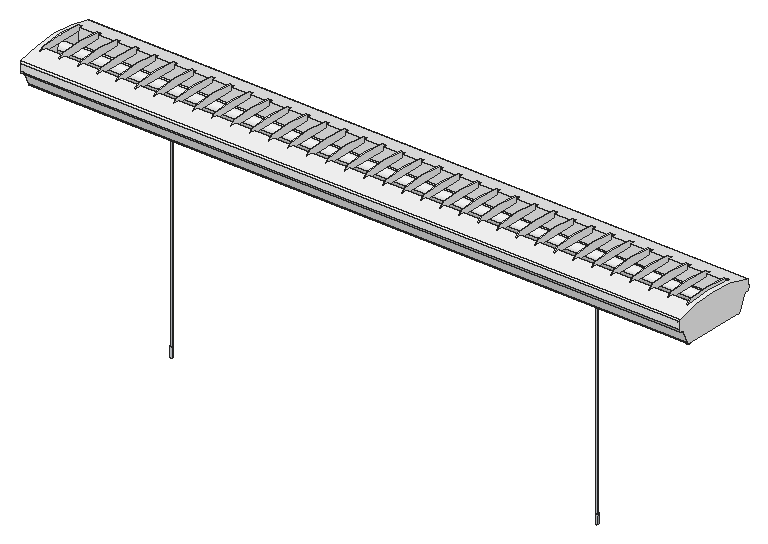
Revit family "0051682 Feilo Sylvania Lighting Fixture SYLMASTER T8 LED 1500 SO 4K Pendant ", category Lighting Fixtures, host Face, Revit 2017
Family settings
  Host = Face
  Round Connector Dimension = Use Diameter
  Part Type = Normal
  OmniClass Number = 23.80.70.00
  OmniClass Title = Lighting
  Cut with Voids When Loaded = No
  Light Source = Yes
  Shared = No
  Room Calculation Point = No
Parameters (values of type "0051682 SYLMASTER T8 LED 1500 SO 4K")
  WidthVoid_FEILO = 100 mm
  Weight = "5.364 kg"
  Wattage Comments = ""
  Wattage = 27 W
  WarrantyStartDate [instance] = "n/a"
  WarrantyGuarantorParts = "n/a"
  WarrantyDurationUnit = "n/a"
  WarrantyDurationParts = "n/a"
  WarrantyDescription = "n/a"
  built-in parameter 1150110 = 1 (stored number, unit not read)
  Voltage = 230 V
  URL = "http://www.sylvania-lighting.com"
  TypeName = "SYLMASTER T8 LED 1500 SO 4K"
  Type Image = <None>
  Type Comments = "n/a"
  Twin_FEILO = not(Single_FEILO)  # no
  built-in parameter 1114217 = 1 (stored number, unit not read)
  Tilt Angle = -90.00°
  built-in parameter 1150109 = 1 (stored number, unit not read)
  built-in parameter 1150134 = 12
  SuspensionHeight_FEILO [instance] = 500 mm
  built-in parameter 1150113 = 1 (stored number, unit not read)
  Single_FEILO = yes
  SerialNumber [instance] = "n/a"
  ReflectorSpacing_FEILO = (Length_FEILO - 30 mm) / (Array_FEILO - 1)  # 44.706 mm
  RadiusTube_FEILO = 12.7 mm
  RadiusSuspensionWire_FEILO = 2 mm
  Photometric Web File = "0051682.ies"
  Material_3_FEILO = none
  PowerFactor = 0.9
  PowerConsumption = "27 W"
  NominalLength = 1550 mm
  NominalHeight = 85 mm
  NominalDepth = 202 mm
  Name = "SYLMASTER T8 LED 1500 SO 4K"
  ModelReference = Name  # "SYLMASTER T8 LED 1500 SO 4K"
  ModelNumber = "0051682"
  Model = Name  # "SYLMASTER T8 LED 1500 SO 4K"
  Material = "steel housing"
  ManufacturerName = "Feilo Sylvania"
  Manufacturer = "Feilo Sylvania"
  LuminousEfficacy = "76 lm/W"
  built-in parameter 1150105 = 859.66 (stored number, unit not read)
  Lumens = 2052 lm
  LuminaireType = ""
  built-in parameter 1150115 = 1 (stored number, unit not read)
  LightOutputRatio = "71"
  built-in parameter 1150137 = (empty or 0)
  built-in parameter 1150139 = (empty or 0)
  Length_FEILO = 1550 mm
  LampsType = Lamp  # "LED"
  LampNominalLuminous = "2052 lm"
  LampMacAdamStep = "n/a"
  LampColourTemperature = "4000 K"
  LampColourRenderingIndex = "80"
  built-in parameter 1150112 = 1 (stored number, unit not read)
  built-in parameter 1150114 = 1 (stored number, unit not read)
  Lamp = "LED"
  Keynote = "16500"
  InstallationDate [instance] = "n/a"
  InputVoltage = "220-240V~"
  InputNominalFrequency = "50/60 Hz"
  built-in parameter 1150132 = (empty or 0)
  built-in parameter 1150102 = (empty or 0)
  built-in parameter 1150107 = 4000 (stored number, unit not read)
  built-in parameter 1150138 = (empty or 0)
  IngressProtection = "IP20"
  ImpactProtectionIndex = "IK02"
  built-in parameter 1150106 = 8.5966 (stored number, unit not read)
  IfcExportType = "IfcLightFixtureType"
  IfcExportAs = "IfcLightFixtureType"
  ExpectedLife = 50000
  Emit from Rectangle Width = WidthVoid_FEILO  # 100 mm
  Emit from Rectangle Length = Length_FEILO - 30 mm  # 1520 mm
  Emit Shape Visible in Rendering = no
  ElectricShockClassification = "Class I"
  built-in parameter 1150104 = 7.0606 (stored number, unit not read)
  DurationUnit = "hours"
  DocumentationLiterature = "http://www.sylvania-lighting.com/product/en-int/products/0051682"
  DimmingControlOptions = "Non dimmable"
  Material_2_FEILO = LEDTube-Sylvania-Sylmaster
  Dimming Lamp Color Temperature Shift = <None>
  RadiusSuspensionSleeve_FEILO = 3 mm
  Description = "SYLMASTER T8 LED 1500 SO 4K is a surface mount / pendant luminaire supplied with ToLEDo T8 27W 840 LED Tube."
  Default Elevation = 1219.2 mm
  CreatedOn = "2/19/2018"
  CreatedBy = ""
  Cost = 0
  Color Filter = 16777215
  built-in parameter 1114216 [instance] = (empty or 0)
  ClassificationValue = "EF_70_80"
  ClassificationName = "Uniclass2015"
  Material_1_FEILO = Body-Sylvania-Sylmaster-White
  BarCode [instance] = "n/a"
  built-in parameter 1114218 = 1 (stored number, unit not read)
  built-in parameter 1150133 = 10 (stored number, unit not read)
  AssetType = "Fixed"
  AssetIdentifier [instance] = "n/a"
  Assembly Code = "D5020200"
  Array_FEILO = if(Length_FEILO = 1250 mm, 25, 35)  # 35
  Apparent Load = 27 VA
  Material_4_FEILO = none
Reference planes
  plane 1 "Center (Front/Back)": y = 0
  plane 2: z = 0
  plane 3 "Center (Left/Right)": x = 0
  plane 4: y = 101
  plane 5: y = -101
  plane 6: z = 500
  plane 7: z = 585
  plane 8: z = 561
  plane 9: z = 545
  plane 10: z = 507
  plane 11: z = 568
  plane 12: y = -89
  plane 13: y = -75
  plane 14: y = -30
  plane 15: y = 30
  plane 16: y = 89
  plane 17: y = 75
  plane 18: z = 542
  plane 19: x = -775
  plane 20: x = 775
  plane 21: x = -500
  plane 22: x = 500
  plane 23: y = -23
  plane 24: y = 23
  plane 25: x = -480
  plane 26: x = -520
  plane 27: x = 480
  plane 28: x = 520
  plane 29: x = -513
  plane 30: x = -487
  plane 31: x = 487
  plane 32: x = 513
  plane 33: y = 50
  plane 34: y = -50
  plane 35: x = 760
  plane 36: x = -760
  plane 37: y = 33
  plane 38: z = 544.6
  plane 39: x = -715.294
  plane 40: z = 22
  plane 41: z = 478
  plane 42: x = -503
  plane 43: x = -502
  plane 44: x = 498
  plane 45: x = 497
Forms (mm)
  Extrusion 1, solid, material "Body-Sylvania-Sylmaster-White" <- "Material_1_FEILO", detail levels medium+fine
    sketch origin (0, 0, 0) x (0, 1, 0) y (0, 0, 1)
      loop
        arc (-98.274, 568.93) -> (-100.248, 567.473) -> (-101, 565.138) r 4
        line (-101, 565.138) -> (-101, 548.904)
        arc (-101, 548.904) -> (-99.941, 545.827) -> (-97.213, 544.053) r 5
        line (-97.213, 544.053) -> (-93.96, 543.24)
        arc (-93.96, 543.24) -> (-89.81, 541.072) -> (-87.101, 537.253) r 10
        line (-87.101, 537.253) -> (-76.76, 511.4)
        arc (-76.76, 511.4) -> (-74.185, 508.204) -> (-70.261, 507) r 7
        line (-70.261, 507) -> (70.261, 507)
        arc (70.261, 507) -> (74.185, 508.204) -> (76.76, 511.4) r 7
        line (76.76, 511.4) -> (87.101, 537.253)
        arc (87.101, 537.253) -> (89.81, 541.072) -> (93.96, 543.24) r 10
        line (93.96, 543.24) -> (97.213, 544.053)
        arc (97.213, 544.053) -> (99.941, 545.827) -> (101, 548.904) r 5
        line (101, 548.904) -> (101, 565.138)
        arc (101, 565.138) -> (100.248, 567.473) -> (98.274, 568.93) r 4
        arc (98.274, 568.93) -> (0, 585) -> (-98.274, 568.93) r 308.529
    from -775 to 775
  Blend 2, solid, material "Body-Sylvania-Sylmaster-White" <- "Material_1_FEILO"
    base sketch origin (0, 1219.2, 507) x (1, 0, 0) y (0, 1, 0)
      loop
        line (-520, -1189.2) -> (-520, -1249.2) -> (-480, -1249.2) -> (-480, -1189.2) -> (-520, -1189.2)
    top sketch origin (0, 1219.2, 507) x (1, 0, 0) y (0, 1, 0)
      loop
        line (-513, -1196.2) -> (-513, -1242.2) -> (-487, -1242.2) -> (-487, -1196.2) -> (-513, -1196.2)
    from 0 to -7
  Blend 3, solid, material "Body-Sylvania-Sylmaster-White" <- "Material_1_FEILO"
    base sketch origin (0, 1219.2, 507) x (1, 0, 0) y (0, 1, 0)
      loop
        line (480, -1189.2) -> (480, -1249.2) -> (520, -1249.2) -> (520, -1189.2) -> (480, -1189.2)
    top sketch origin (0, 1219.2, 507) x (1, 0, 0) y (0, 1, 0)
      loop
        line (487, -1196.2) -> (487, -1242.2) -> (513, -1242.2) -> (513, -1196.2) -> (487, -1196.2)
    from 0 to -7
  Extrusion 4, void
    sketch origin (0, 0, 0) x (0, 1, 0) y (0, 0, 1)
      loop
        line (-50, 585) -> (-50, 545) -> (50, 545) -> (50, 585) -> (-50, 585)
    from -760 to 760
  Extrusion 5, solid, material "LEDTube-Sylvania-Sylmaster" <- "Material_2_FEILO", visible <- "Single_FEILO", detail levels medium+fine
    sketch origin (0, 0, 0) x (0, 1, 0) y (0, 0, 1)
      loop
        circle (0, 561) r 12.7
    from -760 to 760
  Extrusion 6, solid, material "LEDTube-Sylvania-Sylmaster" <- "Material_2_FEILO", visible <- "Twin_FEILO", detail levels medium+fine
    sketch origin (0, 0, 0) x (0, 1, 0) y (0, 0, 1)
      loop
        circle (-23, 561) r 12.7
      loop
        circle (23, 561) r 12.7
    from -760 to 760
  Revolve 7, solid
    sketch origin (0, 0, 0) x (1, 0, 0) y (0, 0, 1)
      loop
        line (-500, 500) -> (-503, 500) -> (-503, 478) -> (-502, 478) -> (-502, 22) -> (-503, 22) -> (-503, 0) -> (-500, 0) -> (-500, 500)
      axis (-500, 500) -> (-500, 0)
    angle from 360 to 0
  Revolve 8, solid
    sketch origin (0, 0, 0) x (1, 0, 0) y (0, 0, 1)
      loop
        line (500, 500) -> (497, 500) -> (497, 478) -> (498, 478) -> (498, 22) -> (497, 22) -> (497, 0) -> (500, 0) -> (500, 500)
      axis (500, 500) -> (500, 0)
    angle from 360 to 0
  Extrusion 9, solid, material "Body-Sylvania-Sylmaster-White" <- "Material_1_FEILO", detail levels coarse
    sketch origin (0, 0, 0) x (0, 1, 0) y (0, 0, 1)
      loop
        arc (-98.274, 568.93) -> (-100.248, 567.473) -> (-101, 565.138) r 4
        line (-101, 565.138) -> (-101, 548.904)
        arc (-101, 548.904) -> (-99.941, 545.827) -> (-97.213, 544.053) r 5
        line (-97.213, 544.053) -> (-93.96, 543.24)
        arc (-93.96, 543.24) -> (-89.81, 541.072) -> (-87.101, 537.253) r 10
        line (-87.101, 537.253) -> (-76.76, 511.4)
        arc (-76.76, 511.4) -> (-74.185, 508.204) -> (-70.261, 507) r 7
        line (-70.261, 507) -> (70.261, 507)
        arc (70.261, 507) -> (74.185, 508.204) -> (76.76, 511.4) r 7
        line (76.76, 511.4) -> (87.101, 537.253)
        arc (87.101, 537.253) -> (89.81, 541.072) -> (93.96, 543.24) r 10
        line (93.96, 543.24) -> (97.213, 544.053)
        arc (97.213, 544.053) -> (99.941, 545.827) -> (101, 548.904) r 5
        line (101, 548.904) -> (101, 565.138)
        arc (101, 565.138) -> (100.248, 567.473) -> (98.274, 568.93) r 4
        arc (98.274, 568.93) -> (0, 585) -> (-98.274, 568.93) r 308.529
    from -775 to 775
Cuts and joins
  Extrusion 4 cuts Extrusion 1
Lines and regions (mm)
  reference lines
    curve 1: line (0, -101, 545) -> (0, -89, 542)
    curve 2: line (0, -89, 542) -> (0, -75, 507)
    curve 3: line (0, 101, 545) -> (0, 89, 542)
    curve 4: line (0, 89, 542) -> (0, 75, 507)
Dimensions and locks
  equal spacing: plane 5, plane 1 "Center (Front/Back)", plane 4
  locked: plane 5 to plane 4 at 202
  "SuspensionHeight_FEILO": plane 6 to plane 2
  locked: plane 6 to plane 7 at 85
  plane 8 to plane 7 = 24 mm
  locked: plane 9 to plane 7 at 40
  locked: plane 6 to plane 10 at 7
  locked: plane 8 to plane 11 at 7
  equal spacing: plane 13, plane 1 "Center (Front/Back)", plane 17
  equal spacing: plane 14, plane 1 "Center (Front/Back)", plane 15
  equal spacing: plane 12, plane 1 "Center (Front/Back)", plane 16
  locked: plane 13 to plane 17 at 150
  locked: plane 12 to plane 16 at 178
  locked: plane 18 to plane 9 at 3
  locked: Extrusion 1 sketch curve to plane 7 at 308.529
  Extrusion 1 sketch curve to plane 1 "Center (Front/Back)" to Extrusion 1 sketch curve = 97 mm locked, 97 mm locked
  Extrusion 1 sketch curve to plane 1 "Center (Front/Back)" to Extrusion 1 sketch curve = 96 mm locked, 96 mm locked
  equal spacing: plane 19, plane 3 "Center (Left/Right)", plane 20
  "Length_FEILO": plane 19 to plane 20
  Extrusion 1 sketch curve to plane 1 "Center (Front/Back)" to Extrusion 1 sketch curve = 70.261 mm locked, 70.261 mm locked
  Extrusion 1 sketch curve to plane 1 "Center (Front/Back)" to Extrusion 1 sketch curve = 96.386 mm locked, 96.386 mm locked
  Extrusion 1 sketch curve to Extrusion 1 sketch curve to Extrusion 1 sketch curve to Extrusion 1 sketch curve to plane 7 = 19.539 mm locked, 15.365 mm locked, 16.235 mm locked, 19.862 mm locked  (x2)
  equal spacing: plane 21, plane 3 "Center (Left/Right)", plane 22
  locked: plane 21 to plane 22 at 1000
  equal spacing: plane 23, plane 1 "Center (Front/Back)", plane 24
  locked: plane 14 to plane 23 at 7
  locked: plane 14 to plane 1 "Center (Front/Back)" at 30
  equal spacing: plane 26, plane 21, plane 25, locked at 20 each
  equal spacing: plane 27, plane 22, plane 28, locked at 20 each
  locked: plane 26 to plane 21 at 20
  locked: plane 27 to plane 22 at 20
  equal spacing: plane 29, plane 21, plane 30
  locked: plane 26 to plane 29 at 7
  equal spacing: plane 31, plane 22, plane 32
  locked: plane 27 to plane 31 at 7
  equal spacing: plane 36, plane 3 "Center (Left/Right)", plane 35
  locked: plane 19 to plane 36 at 15
  plane 1 "Center (Front/Back)" to plane 37 = 33 mm
  equal spacing: plane 34, plane 1 "Center (Front/Back)", plane 33
  "WidthVoid_FEILO": plane 34 to plane 33
  locked: plane 38 to plane 7 at 40.4
  "ReflectorSpacing_FEILO": plane 36 to plane 39
  equal spacing: group 1, group 2, group 3, group 4, group 5, group 6, group 7, group 8, group 9, group 10, group 11, group 12, group 13, group 14, group 15, group 16, group 17, group 18, group 19, group 20, group 21, group 22, group 23, group 24, group 25, group 26, group 27, group 28, group 29, group 30, group 31, group 32, group 33, group 34, group 35  (x3)
  locked: plane 6 to plane 41 at 22
  locked: plane 40 to host face at 22
  "RadiusSuspensionWire_FEILO": plane 22 to plane 44
  "RadiusSuspensionSleeve_FEILO": plane 22 to plane 45
  "RadiusSuspensionWire_FEILO": plane 21 to plane 43
  "RadiusSuspensionSleeve_FEILO": plane 21 to plane 42
  "RadiusTube_FEILO": radius of Extrusion 5 sketch curve
  aligned and locked: plane 2 to host face
  aligned and locked: level to host face
  aligned and locked: plane 5 to curve 1
  aligned and locked: plane 12 to curve 1
  aligned and locked: plane 13 to curve 2
  aligned and locked: plane 4 to curve 3
  aligned and locked: plane 16 to curve 3
  aligned and locked: plane 17 to curve 4
  aligned and locked: plane 5 to Extrusion 1 sketch curve
  aligned and locked: curve 2 to Extrusion 1 sketch curve
  aligned and locked: plane 1 "Center (Front/Back)" to Extrusion 1 sketch curve
  aligned and locked: plane 20 to Extrusion 1
  aligned and locked: Extrusion 1 to plane 19
  aligned and locked: Extrusion 1 sketch curve to curve 3
  aligned and locked: curve 1 to Extrusion 1 sketch curve
  aligned and locked: Extrusion 1 sketch curve to curve 4
  aligned and locked: plane 15 to Blend 2 sketch curve
  aligned and locked: plane 26 to Blend 2 sketch curve
  aligned and locked: Blend 2 sketch curve to plane 14
  aligned and locked: Blend 2 sketch curve to plane 25
  aligned and locked: plane 24 to Blend 2 sketch curve
  aligned and locked: plane 29 to Blend 2 sketch curve
  aligned and locked: Blend 2 sketch curve to plane 23
  aligned and locked: Blend 2 sketch curve to plane 30
  aligned and locked: plane 6 to Blend 2
  aligned and locked: Blend 2 to plane 10
  aligned and locked: plane 15 to Blend 3 sketch curve
  aligned and locked: plane 27 to Blend 3 sketch curve
  aligned and locked: Blend 3 sketch curve to plane 14
  aligned and locked: Blend 3 sketch curve to plane 28
  aligned and locked: plane 24 to Blend 3 sketch curve
  aligned and locked: plane 31 to Blend 3 sketch curve
  aligned and locked: Blend 3 sketch curve to plane 23
  aligned and locked: Blend 3 sketch curve to plane 32
  aligned and locked: Blend 3 to plane 10
  aligned and locked: plane 6 to Blend 3
  aligned and locked: plane 7 to Extrusion 4 sketch curve
  aligned and locked: Extrusion 4 sketch curve to plane 34
  aligned and locked: Extrusion 4 sketch curve to plane 9
  aligned and locked: plane 33 to Extrusion 4 sketch curve
  aligned and locked: plane 35 to Extrusion 4
  aligned and locked: Extrusion 4 to plane 36
  aligned and locked: plane 1 "Center (Front/Back)" to nested 1
  aligned and locked: plane 36 to nested 1
  aligned and locked: plane 39 to nested 2
  aligned and locked: plane 1 "Center (Front/Back)" to Extrusion 5 sketch curve
  aligned and locked: plane 8 to Extrusion 5 sketch curve
  aligned and locked: plane 35 to Extrusion 5
  aligned and locked: Extrusion 5 to plane 36
  aligned and locked: plane 23 to Extrusion 6 sketch curve
  aligned and locked: plane 8 to Extrusion 6 sketch curve  (x2)
  aligned and locked: plane 24 to Extrusion 6 sketch curve
  aligned and locked: plane 35 to Extrusion 6
  aligned and locked: Extrusion 6 to plane 36
  aligned and locked: plane 3 "Center (Left/Right)" to imposter light
  aligned and locked: imposter light to plane 1 "Center (Front/Back)"
  aligned and locked: imposter light to plane 7
  aligned and locked: Revolve 7 sketch curve to plane 21
  aligned and locked: plane 21 to Revolve 7 sketch curve  (x2)
  aligned and locked: Revolve 7 sketch curve to Blend 2
  aligned and locked: Revolve 7 sketch curve to plane 42  (x2)
  aligned and locked: plane 41 to Revolve 7 sketch curve
  aligned and locked: Revolve 7 sketch curve to plane 43
  aligned and locked: Revolve 7 sketch curve to plane 40
  aligned and locked: Revolve 7 sketch curve to level
  aligned and locked: Revolve 8 sketch curve to plane 22
  aligned and locked: plane 22 to Revolve 8 sketch curve  (x2)
  aligned and locked: Revolve 8 sketch curve to Blend 3
  aligned and locked: Revolve 8 sketch curve to plane 45
  aligned and locked: plane 41 to Revolve 8 sketch curve
  aligned and locked: Revolve 8 sketch curve to plane 44
  aligned and locked: Revolve 8 sketch curve to plane 40
  aligned and locked: level to Revolve 8 sketch curve
  aligned and locked: Extrusion 9 sketch curve to cut or joined group of Extrusion 1, Extrusion 4  (x9)
  aligned and locked: plane 20 to Extrusion 9
  aligned and locked: Extrusion 9 to plane 19
Automatic sketch dimensions
  host sketch curve to host sketch curve = 2438.4 mm  (x2)
  plane 9 to Extrusion 1 sketch curve = 0.947 mm  (x2)
  Extrusion 1 sketch curve to plane 18 = 1.24 mm  (x2)
  Extrusion 1 sketch curve to plane 12 = 1.899 mm
  plane 13 to Extrusion 1 sketch curve = 1.76 mm
  Extrusion 1 sketch curve to plane 17 = 1.76 mm
  plane 16 to Extrusion 1 sketch curve = 1.899 mm
  Extrusion 1 sketch curve to Extrusion 1 sketch curve = 0 mm
  plane 10 to curve 2 = 0 mm
  plane 10 to curve 4 = 0 mm
  plane 18 to curve 2 = 0 mm
  plane 18 to curve 3 = 0 mm
  plane 9 to curve 1 = 0 mm
  plane 9 to curve 3 = 0 mm
  Revolve 7 sketch curve to level = 304.8 mm
  Revolve 7 sketch curve to plane 7 = 2153.4 mm
  Revolve 8 sketch curve to plane 45 = 0 mm
  Revolve 8 sketch curve to level = 304.8 mm
  Revolve 8 sketch curve to plane 7 = 2153.4 mm
  plane 38 to Extrusion 9 sketch curve = 0.547 mm  (x2)
  Extrusion 9 sketch curve to plane 18 = 1.24 mm  (x2)
  Extrusion 9 sketch curve to plane 12 = 1.899 mm
  plane 13 to Extrusion 9 sketch curve = 1.76 mm
  Extrusion 9 sketch curve to plane 17 = 1.76 mm
  plane 16 to Extrusion 9 sketch curve = 1.899 mm
  radius of Extrusion 6 sketch curve = 12.7 mm  (x2)
Nested families
  nested 1: "Sylmaster reflector" at (-760, 0, 544.6), type "Type Name", detail levels medium+fine
    with WidthVoid_FEILO 100 mm
  nested 2: "Sylmaster reflector" at (-715.294, 0, 544.6), type "Type Name", detail levels medium+fine
    with WidthVoid_FEILO 100 mm
  nested 3: "Sylmaster reflector" at (-670.588, 0, 544.6), type "Type Name", detail levels medium+fine
    with WidthVoid_FEILO 100 mm
  nested 4: "Sylmaster reflector" at (-625.882, 0, 544.6), type "Type Name", detail levels medium+fine
    with WidthVoid_FEILO 100 mm
  nested 5: "Sylmaster reflector" at (-581.176, 0, 544.6), type "Type Name", detail levels medium+fine
    with WidthVoid_FEILO 100 mm
  nested 6: "Sylmaster reflector" at (-536.471, 0, 544.6), type "Type Name", detail levels medium+fine
    with WidthVoid_FEILO 100 mm
  nested 7: "Sylmaster reflector" at (-491.765, 0, 544.6), type "Type Name", detail levels medium+fine
    with WidthVoid_FEILO 100 mm
  nested 8: "Sylmaster reflector" at (-447.059, 0, 544.6), type "Type Name", detail levels medium+fine
    with WidthVoid_FEILO 100 mm
  nested 9: "Sylmaster reflector" at (-402.353, 0, 544.6), type "Type Name", detail levels medium+fine
    with WidthVoid_FEILO 100 mm
  nested 10: "Sylmaster reflector" at (-357.647, 0, 544.6), type "Type Name", detail levels medium+fine
    with WidthVoid_FEILO 100 mm
  nested 11: "Sylmaster reflector" at (-312.941, 0, 544.6), type "Type Name", detail levels medium+fine
    with WidthVoid_FEILO 100 mm
  nested 12: "Sylmaster reflector" at (-268.235, 0, 544.6), type "Type Name", detail levels medium+fine
    with WidthVoid_FEILO 100 mm
  nested 13: "Sylmaster reflector" at (-223.529, 0, 544.6), type "Type Name", detail levels medium+fine
    with WidthVoid_FEILO 100 mm
  nested 14: "Sylmaster reflector" at (-178.824, 0, 544.6), type "Type Name", detail levels medium+fine
    with WidthVoid_FEILO 100 mm
  nested 15: "Sylmaster reflector" at (-134.118, 0, 544.6), type "Type Name", detail levels medium+fine
    with WidthVoid_FEILO 100 mm
  nested 16: "Sylmaster reflector" at (-89.412, 0, 544.6), type "Type Name", detail levels medium+fine
    with WidthVoid_FEILO 100 mm
  nested 17: "Sylmaster reflector" at (-44.706, 0, 544.6), type "Type Name", detail levels medium+fine
    with WidthVoid_FEILO 100 mm
  nested 18: "Sylmaster reflector" at (0, 0, 544.6), type "Type Name", detail levels medium+fine
    with WidthVoid_FEILO 100 mm
  nested 19: "Sylmaster reflector" at (44.706, 0, 544.6), type "Type Name", detail levels medium+fine
    with WidthVoid_FEILO 100 mm
  nested 20: "Sylmaster reflector" at (89.412, 0, 544.6), type "Type Name", detail levels medium+fine
    with WidthVoid_FEILO 100 mm
  nested 21: "Sylmaster reflector" at (134.118, 0, 544.6), type "Type Name", detail levels medium+fine
    with WidthVoid_FEILO 100 mm
  nested 22: "Sylmaster reflector" at (178.824, 0, 544.6), type "Type Name", detail levels medium+fine
    with WidthVoid_FEILO 100 mm
  nested 23: "Sylmaster reflector" at (223.529, 0, 544.6), type "Type Name", detail levels medium+fine
    with WidthVoid_FEILO 100 mm
  nested 24: "Sylmaster reflector" at (268.235, 0, 544.6), type "Type Name", detail levels medium+fine
    with WidthVoid_FEILO 100 mm
  nested 25: "Sylmaster reflector" at (312.941, 0, 544.6), type "Type Name", detail levels medium+fine
    with WidthVoid_FEILO 100 mm
  nested 26: "Sylmaster reflector" at (357.647, 0, 544.6), type "Type Name", detail levels medium+fine
    with WidthVoid_FEILO 100 mm
  nested 27: "Sylmaster reflector" at (402.353, 0, 544.6), type "Type Name", detail levels medium+fine
    with WidthVoid_FEILO 100 mm
  nested 28: "Sylmaster reflector" at (447.059, 0, 544.6), type "Type Name", detail levels medium+fine
    with WidthVoid_FEILO 100 mm
  nested 29: "Sylmaster reflector" at (491.765, 0, 544.6), type "Type Name", detail levels medium+fine
    with WidthVoid_FEILO 100 mm
  nested 30: "Sylmaster reflector" at (536.471, 0, 544.6), type "Type Name", detail levels medium+fine
    with WidthVoid_FEILO 100 mm
  nested 31: "Sylmaster reflector" at (581.176, 0, 544.6), type "Type Name", detail levels medium+fine
    with WidthVoid_FEILO 100 mm
  nested 32: "Sylmaster reflector" at (625.882, 0, 544.6), type "Type Name", detail levels medium+fine
    with WidthVoid_FEILO 100 mm
  nested 33: "Sylmaster reflector" at (670.588, 0, 544.6), type "Type Name", detail levels medium+fine
    with WidthVoid_FEILO 100 mm
  nested 34: "Sylmaster reflector" at (715.294, 0, 544.6), type "Type Name", detail levels medium+fine
    with WidthVoid_FEILO 100 mm
  nested 35: "Sylmaster reflector" at (760, 0, 544.6), type "Type Name", detail levels medium+fine
    with WidthVoid_FEILO 100 mm
Connectors
  electrical at (0, 0, 0), driven by "Apparent Load", driven by "PowerFactor", driven by "Voltage"
    settings: index 1, voltage 230 V, apparent load 27 VA, apparent load phase1 0 VA, apparent load phase2 0 VA, apparent load phase3 0 VA, power factor 0.9, load classification "Lighting", number of poles 1, system type 30, power factor state 1, is connector primary yes, connector utility no, sub classification motor no, connector description ""
Definition of nested family "Sylmaster reflector"
  Parameters (values of type "Type Name")
    WidthVoid_FEILO = 146 mm
    URL = "http://www.feilosylvania.com"
    Type Image = (empty or 0)
    Type Comments = "n/a"
    RadiusReflectorOuter_FEILO = 303.809 mm
    RadiusReflectorInner_FEILO = 307.458 mm
    Material_3_FEILO = none
    Model = ""
    Manufacturer = "Feilo Sylvania"
    Keynote = "16500"
    Material_2_FEILO = none
    Description = ""
    Default Elevation = 1219.2 mm
    Cost = 0
    Material_1_FEILO = none
    Assembly Code = "D5020200"
    Material_4_FEILO = none
  Reference planes
    plane 1 "Center (Front/Back)": y = 0
    plane 2: z = 28.4
    plane 3 "Center (Left/Right)": x = 0
    plane 4: y = 101
    plane 5: y = -101
    plane 6: z = 28.4
    plane 7: z = 23.4
    plane 8: x = -775
    plane 9: x = 775
    plane 10: x = -500
    plane 11: x = 500
    plane 12: x = -480
    plane 13: x = -520
    plane 14: x = 480
    plane 15: x = 520
    plane 16: x = -513
    plane 17: x = -487
    plane 18: x = 487
    plane 19: x = 513
    plane 20: y = 73
    plane 21: y = -73
    plane 22: x = 760
    plane 23: x = -760
    plane 24: y = -83
    plane 25: y = 83
    plane 26: z = 28.4
    plane 27: x = 1
    plane 28: x = -1
  Forms (mm)
    Extrusion 1, solid
      sketch origin (4.2, 0, 28.4) x (1, 0, 0) y (0, 1, 0)
        loop
          line (-1219.2, 1219.2) -> (-1219.2, -1219.2) -> (1219.2, -1219.2) -> (1219.2, 1219.2) -> (-1219.2, 1219.2)
      from 0 to -68.017
    Extrusion 2, solid, material <- "Material_1_FEILO"
      sketch origin (0, 0, 0) x (0, 1, 0) y (0, 0, 1)
        loop
          arc (-83, 29.048) -> (-78.011, 30.401) -> (-73, 31.671) r 307.458
          line (-73, 31.671) -> (-73, 28.4) -> (73, 28.4) -> (73, 31.671)
          arc (73, 31.671) -> (78.011, 30.401) -> (83, 29.048) r 307.458
          line (83, 29.048) -> (73, 36.779)
          arc (73, 36.779) -> (0, 45.68) -> (-73, 36.779) r 303.809
          line (-73, 36.779) -> (-83, 29.048)
      from 1 to -1
  Lines and regions (mm)
    reference lines
      curve 1: arc (0, -101, 28.4) -> (0, 0, 45.68) -> (0, 101, 28.4) r 303.809
      curve 2: arc (0, -101, 23.4) -> (0, 0, 40.463) -> (0, 101, 23.4) r 307.458
  Dimensions and locks
    equal spacing: plane 5, plane 1 "Center (Front/Back)", plane 4
    locked: plane 5 to plane 4 at 202
    equal spacing: plane 8, plane 3 "Center (Left/Right)", plane 9
    locked: plane 8 to plane 9 at 1550
    equal spacing: plane 10, plane 3 "Center (Left/Right)", plane 11
    locked: plane 10 to plane 11 at 1000
    equal spacing: plane 13, plane 10, plane 12, locked at 20 each
    equal spacing: plane 14, plane 11, plane 15, locked at 20 each
    locked: plane 13 to plane 10 at 20
    locked: plane 14 to plane 11 at 20
    equal spacing: plane 16, plane 10, plane 17
    locked: plane 13 to plane 16 at 7
    equal spacing: plane 18, plane 11, plane 19
    locked: plane 14 to plane 18 at 7
    equal spacing: plane 23, plane 3 "Center (Left/Right)", plane 22
    locked: plane 8 to plane 23 at 15
    equal spacing: plane 21, plane 1 "Center (Front/Back)", plane 20
    "WidthVoid_FEILO": plane 21 to plane 20
    equal spacing: plane 24, plane 1 "Center (Front/Back)", plane 25
    locked: plane 24 to plane 21 at 10
    locked: plane 7 to plane 26 at 5
    plane 28 to plane 3 "Center (Left/Right)" to plane 27 = 1 mm locked, 1 mm locked
    "RadiusReflectorInner_FEILO": radius of curve 2
    "RadiusReflectorOuter_FEILO": radius of curve 1
    aligned and locked: plane 2 to Extrusion 1
    aligned and locked: level to Extrusion 1
    aligned and locked: plane 5 to curve 1
    aligned and locked: plane 26 to curve 1  (x2)
    aligned and locked: plane 4 to curve 1
    aligned and locked: plane 4 to curve 2
    aligned and locked: plane 7 to curve 2  (x2)
    aligned and locked: plane 5 to curve 2
    aligned and locked: Extrusion 2 to plane 28
    aligned and locked: plane 27 to Extrusion 2
    aligned and locked: Extrusion 2 sketch curve to curve 2  (x2)
    aligned and locked: Extrusion 2 sketch curve to curve 1
    aligned and locked: plane 26 to Extrusion 2 sketch curve
    aligned and locked: Extrusion 2 sketch curve to plane 20
    aligned and locked: plane 21 to Extrusion 2 sketch curve  (x3)
    aligned and locked: plane 24 to Extrusion 2 sketch curve
    aligned and locked: plane 20 to Extrusion 2 sketch curve
    aligned and locked: plane 25 to Extrusion 2 sketch curve
    aligned and locked: plane 26 to plane 6
    aligned and locked: level to plane 26
  Automatic sketch dimensions
    Extrusion 1 sketch curve to Extrusion 1 sketch curve = 2438.4 mm  (x2)
